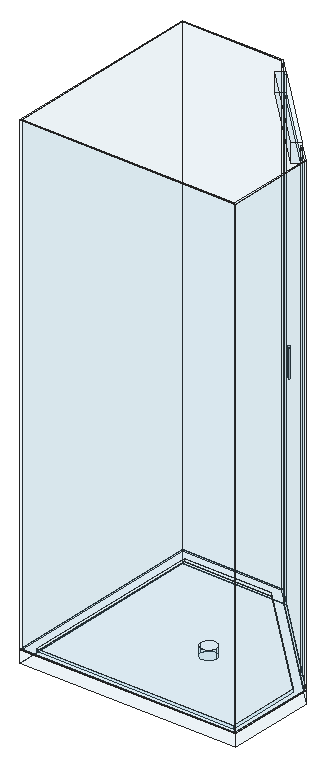
Revit family "M_淋浴隔間 - 轉角", category 衛工裝置, Revit 2014
Parameters (values of type "865 mmx815 mm - 公用")
  寬度 1 = 31.75 mm * sin(45.00°)  # 22.451 mm
  WFU = 2
  淋浴間寬度 = 815 mm
  淋浴隔間材料 = 玻璃
  淋浴間長度 = 865 mm
  淋浴間高度 = 1956 mm
  衛生設施半徑 = 25 mm
  衛生設施直徑 = 2 * 衛生設施半徑  # 50 mm
  長度 1 = 406.4 mm
  熱水半徑 = 7.5 mm
  熱水直徑 = 2 * 熱水半徑  # 15 mm
  高度 1 = 990 mm
  門寬度的一半 = 1 / 2 * 門寬度  # 228.5 mm
  HWFU = 3
  流動壓力 [instance] = 55158.0 Pa
  門寬度 = 457 mm
  門材料 = 玻璃
  門把手材料 = none
  冷水半徑 = 7.5 mm
  冷水直徑 = 2 * 冷水半徑  # 15 mm
  CWFU = 3
Types (2, lengths in mm): name | 淋浴隔間材料 | HWFU | 門材料 | CWFU
  865 mmx815 mm - 公用 | 玻璃 | 3 | 玻璃 | 3
  865 mmx815 mm - 私人 | none | 1 | none | 1
Reference planes
  plane 1 "中心 (前/後)": y = 0
  plane 2: z = 0
  plane 3 "中心 (左/右)": x = 0
  plane 4: z = 1956
  plane 5: x = 865
  plane 6: y = 815
  plane 7: y = 808.65
  plane 8: x = 6.35
  plane 9: x = 858.65
  plane 10: y = 6.35
  plane 11: y = 776.9
  plane 12: x = 38.1
  plane 13: x = 826.9
  plane 14: y = 38.1
  plane 15: x = 406.4
  plane 16: z = 50.8
  plane 17: z = 38.1
  plane 18: y = 407.5
  plane 19: x = 432.5
  plane 20: x = 394.4
  plane 21: x = 470.6
  plane 22: through (466.951, 761.229, 1219.2) normal (0.7071, 0.7071, 0)
  plane 23: z = 990
  plane 24: z = 882.05
  plane 25: z = 1968.7
  plane 26: z = 1892.5
  plane 27: z = 914.4
  plane 28: y = 521.8
  plane 29: y = 293.2
Forms (mm)
  Extrusion 1, solid, material "玻璃" <- "淋浴隔間材料"
    sketch origin (0, 0, 0) x (1, 0, 0) y (0, 1, 0)
      loop
        line (0, 815) -> (0, 0) -> (865, 0) -> (865, 356.4) -> (797.274, 424.126) -> (792.784, 419.636) -> (858.65, 353.77) -> (858.65, 6.35) -> (6.35, 6.35) -> (6.35, 808.65) -> (403.77, 808.65) -> (469.636, 742.784) -> (474.126, 747.274) -> (406.4, 815) -> (0, 815)
    from 50.8 to 1956
  Extrusion 2, solid, material "玻璃" <- "淋浴隔間材料"
    sketch origin (0, 0, 0) x (1, 0, 0) y (0, 1, 0)
      loop
        line (0, 815) -> (0, 0) -> (865, 0) -> (865, 356.4) -> (406.4, 815) -> (0, 815)
    from 0 to 50.8
  Extrusion 3, void
    sketch origin (0, 0, 0) x (1, 0, 0) y (0, 1, 0)
      loop
        line (38.1, 776.9) -> (38.1, 38.1) -> (826.9, 38.1) -> (826.9, 340.618) -> (390.618, 776.9) -> (38.1, 776.9)
    from 38.1 to 50.8
  Extrusion 4, solid, material "玻璃" <- "門材料"
    sketch origin (0, 0, 0) x (1, 0, 0) y (0, 1, 0)
      loop
        line (474.126, 747.274) -> (469.636, 742.784) -> (792.784, 419.636) -> (797.274, 424.126) -> (474.126, 747.274)
    from 50.8 to 1892.5
  Extrusion 5, solid, material "玻璃" <- "淋浴隔間材料"
    sketch origin (0, 0, 0) x (1, 0, 0) y (0, 1, 0)
      loop
        circle (432.5, 407.5) r 31.75
    from 0 to 38.1
  Extrusion 6, solid, material "玻璃" <- "淋浴隔間材料"
    sketch origin (0, 0, 0) x (0, 1, 0) y (0, 0, 1)
      loop
        circle (521.8, 914.4) r 12.7
      loop
        circle (293.2, 914.4) r 12.7
    from 0 to 6.35
  Extrusion 7, solid, material "玻璃" <- "淋浴隔間材料"
    sketch origin (797.274, 424.126, 0) x (-0.707107, 0.707107, 0) y (0, 0, 1)
      loop
        line (0, 1968.7) -> (0, 1892.5) -> (457, 1892.5) -> (457, 1968.7) -> (0, 1968.7)
    from -38.1 to 0
  Extrusion 8, solid, material <- "門把手材料"
    sketch origin (797.274, 424.126, 0) x (-0.707107, 0.707107, 0) y (0, 0, 1)
      loop
        line (422.075, 990) -> (422.075, 882.05) -> (444.3, 882.05) -> (444.3, 990) -> (422.075, 990)
    from 0 to 5.862
Cuts and joins
  Extrusion 3 cuts Extrusion 2
  joined: Extrusion 1, Extrusion 6
Lines and regions (mm)
  reference lines
    curve 1: line (406.4, 815, 0) -> (963.176, 258.224, 0)
    curve 2: line (958.686, 253.734, 0) -> (401.91, 810.51, 0)
    curve 3: line (936.235, 231.283, 0) -> (379.459, 788.059, 0)
    curve 4: line (865, 815, 0) -> (492.319, 442.319, 0)
    curve 5: line (611.758, 884.906, 0) -> (422.331, 695.479, 0)
    curve 6: line (980.044, 606.896, 0) -> (674.429, 301.281, 0)
    curve 7: line (38.1, 38.1, 0) -> (865, 815, 0)
    curve 10: line (38.1, 776.9, 0) -> (826.9, 38.1, 0)
    curve 13: line (558.99, 814.177, 0) -> (398.815, 654.003, 0)
    curve 14: line (559.252, 783.008, 0) -> (412.547, 636.304, 0)
  symbolic lines
    curve 8: line (38.1, 38.1, 0) -> (394.4, 372.856, 0)
    curve 9: line (470.6, 444.448, 0) -> (600.771, 566.748, 0)
    curve 11: line (38.1, 776.9, 0) -> (394.4, 443.185, 0)
    curve 12: line (470.6, 371.815, 0) -> (826.9, 38.1, 0)
Dimensions and locks
  "淋浴間長度": plane 3 "中心 (左/右)" to plane 5
  "淋浴間寬度": plane 6 to plane 1 "中心 (前/後)"
  locked: plane 6 to plane 7 at 6.35
  locked: plane 3 "中心 (左/右)" to plane 8 at 6.35
  locked: plane 9 to plane 5 at 6.35
  locked: plane 1 "中心 (前/後)" to plane 10 at 6.35
  locked: plane 7 to plane 11 at 31.75
  locked: plane 8 to plane 12 at 31.75
  locked: plane 13 to plane 9 at 31.75
  locked: plane 10 to plane 14 at 31.75
  "長度 1": plane 3 "中心 (左/右)" to plane 15
  "淋浴間高度": plane 4 to plane 2
  locked: plane 16 to plane 2 at 50.8
  locked: plane 16 to plane 17 at 12.7
  curve 3 to curve 2 to curve 1 = 31.75 mm locked, 6.35 mm locked
  "門寬度的一半": curve 5 to curve 4
  "門寬度的一半": curve 4 to curve 6
  equal spacing: plane 6, plane 18, plane 1 "中心 (前/後)"
  equal spacing: plane 3 "中心 (左/右)", plane 19, plane 5
  locked: curve 5 to curve 13 at 12.7
  locked: curve 13 to curve 14 at 22.225
  "高度 1": plane 23 to plane 2
  locked: plane 23 to plane 24 at 107.95
  locked: plane 25 to plane 4 at 12.7
  locked: plane 4 to plane 26 at 63.5
  locked: plane 27 to plane 2 at 914.4
  plane 28 to plane 18 to plane 29 = 114.3 mm locked, 114.3 mm locked
  locked: Extrusion 8 to Extrusion 7 at 5.862
  plane 20 to plane 19 to plane 21 = 38.1 mm locked, 38.1 mm locked
  radius of Extrusion 5 sketch curve = 31.75 mm
  locked: curve 1 to plane 6 (angle 45.00°)
  locked: curve 4 to plane 5 (angle 45.00°)
  aligned and locked: plane 15 to curve 1
  aligned and locked: plane 3 "中心 (左/右)" to Extrusion 1 sketch curve
  aligned and locked: Extrusion 1 sketch curve to plane 6
  aligned and locked: plane 1 "中心 (前/後)" to Extrusion 1 sketch curve
  aligned and locked: Extrusion 1 sketch curve to plane 5
  aligned and locked: Extrusion 1 sketch curve to curve 1
  aligned and locked: plane 7 to Extrusion 1 sketch curve
  aligned and locked: Extrusion 1 sketch curve to plane 8
  aligned and locked: plane 10 to Extrusion 1 sketch curve
  aligned and locked: plane 9 to Extrusion 1 sketch curve
  aligned and locked: curve 2 to Extrusion 1 sketch curve
  aligned and locked: plane 4 to Extrusion 1
  aligned and locked: Extrusion 1 to plane 16
  aligned and locked: curve 5 to Extrusion 1 sketch curve
  aligned and locked: curve 6 to Extrusion 1 sketch curve
  aligned and locked: plane 6 to Extrusion 2 sketch curve
  aligned and locked: Extrusion 2 sketch curve to plane 3 "中心 (左/右)"
  aligned and locked: plane 1 "中心 (前/後)" to Extrusion 2 sketch curve
  aligned and locked: plane 5 to Extrusion 2 sketch curve
  aligned and locked: Extrusion 2 sketch curve to curve 1
  aligned and locked: Extrusion 2 to plane 2
  aligned and locked: plane 16 to Extrusion 2
  aligned and locked: plane 11 to Extrusion 3 sketch curve
  aligned and locked: curve 3 to Extrusion 3 sketch curve
  aligned and locked: plane 13 to Extrusion 3 sketch curve
  aligned and locked: plane 14 to Extrusion 3 sketch curve
  aligned and locked: Extrusion 3 sketch curve to plane 12
  aligned and locked: Extrusion 3 to plane 17
  aligned and locked: plane 16 to Extrusion 3
  aligned and locked: curve 5 to Extrusion 4 sketch curve
  aligned and locked: Extrusion 4 sketch curve to curve 2
  aligned and locked: Extrusion 4 sketch curve to curve 6
  aligned and locked: Extrusion 4 sketch curve to curve 1
  aligned and locked: Extrusion 4 to plane 16
  aligned and locked: plane 18 to Extrusion 5 sketch curve
  aligned and locked: plane 19 to Extrusion 5 sketch curve
  aligned and locked: Extrusion 5 to plane 2
  aligned and locked: plane 17 to Extrusion 5
  aligned and locked: plane 14 to curve 7
  aligned and locked: plane 12 to curve 7
  aligned and locked: plane 5 to curve 7
  aligned and locked: plane 6 to curve 7
  aligned and locked: curve 8 to curve 7
  aligned and locked: plane 14 to curve 8
  aligned and locked: plane 20 to curve 8
  aligned and locked: curve 7 to curve 9
  aligned and locked: plane 21 to curve 9
  aligned and locked: curve 3 to curve 9
  aligned and locked: plane 11 to curve 10
  aligned and locked: plane 12 to curve 10
  aligned and locked: plane 13 to curve 10
  aligned and locked: plane 14 to curve 10
  aligned and locked: curve 11 to curve 10
  aligned and locked: plane 12 to curve 11
  aligned and locked: curve 10 to curve 12
  aligned and locked: plane 21 to curve 12
  aligned and locked: plane 13 to curve 12
  aligned and locked: plane 26 to Extrusion 4
  aligned and locked: plane 27 to Extrusion 6 sketch curve  (x2)
  aligned and locked: plane 28 to Extrusion 6 sketch curve
  aligned and locked: plane 29 to Extrusion 6 sketch curve
  aligned and locked: Extrusion 6 to plane 3 "中心 (左/右)"
  aligned and locked: plane 8 to Extrusion 6
  aligned and locked: curve 5 to Extrusion 7
  aligned and locked: Extrusion 7 to curve 6
  aligned and locked: Extrusion 7 to curve 3
  aligned and locked: Extrusion 7 to curve 1
  aligned and locked: plane 25 to Extrusion 7
  aligned and locked: Extrusion 7 to plane 26
  aligned and locked: curve 13 to Extrusion 8
  aligned and locked: Extrusion 8 to curve 14
  aligned and locked: Extrusion 8 to plane 24
  aligned and locked: plane 23 to Extrusion 8
  aligned and locked: plane 20 to curve 11
Automatic sketch dimensions
  Extrusion 1 sketch curve to plane 15 = 2.63 mm
  Extrusion 1 sketch curve to Extrusion 1 sketch curve = 2.63 mm
  plane 11 to curve 3 = 11.159 mm
  plane 7 to curve 2 = 1.86 mm
  plane 20 to curve 13 = 4.415 mm
  curve 5 to plane 19 = 10.169 mm
  curve 13 to plane 6 = 0.823 mm
  curve 13 to curve 14 = 0.262 mm
  plane 6 to curve 5 = 69.906 mm
  curve 6 to plane 18 = 106.219 mm
  curve 3 to curve 1 = 26.941 mm  (x2)
  curve 2 to curve 1 = 4.49 mm
  plane 5 to curve 6 = 115.044 mm
  curve 14 to curve 13 = 17.699 mm
  curve 1 to plane 6 = 0 mm
  Extrusion 4 to Extrusion 7 sketch curve = 0 mm  (x2)
  Extrusion 7 sketch curve to Extrusion 4 = 0 mm
  Extrusion 7 sketch curve to Extrusion 4 = 76.2 mm
  Extrusion 8 sketch curve to Extrusion 4 = 12.7 mm
  Extrusion 8 sketch curve to Extrusion 8 sketch curve = 22.225 mm
  Extrusion 4 to Extrusion 8 sketch curve = 1010.45 mm
  Extrusion 8 sketch curve to Extrusion 8 sketch curve = 107.95 mm
  radius of Extrusion 6 sketch curve = 12.7 mm  (x2)
Connectors
  piping at (432.5, 407.5, 0), diameter 50, driven by "衛生設施半徑", driven by "WFU"
    settings: on Extrusion 5, index 1, connector inside diameter 50 mm, connector length 0 mm, flow factor 0, pipe flow 0.0 L/s, pressure drop 0.0 Pa, fitting loss kfactor 0, connector angle 0.00°, fixture units 2, engagement length 0 mm, angle of deflection 0.00°, flow configuration 3, flow direction 2, fitting loss method 0, system type 16, joint type 0, gender type 0, connector reference index -1, connector utility 0, adjustable connector no, is connector primary no, connector description "外"
  piping at (0, 521.8, 914.4), diameter 15, driven by "冷水半徑", driven by "CWFU", driven by "流動壓力"
    settings: on Extrusion 6, index 2, connector inside diameter 15 mm, connector length 0 mm, flow factor 0, pipe flow 0.0 L/s, pressure drop 55158.0 Pa, fitting loss kfactor 0, connector angle 0.00°, fixture units 3, engagement length 0 mm, angle of deflection 0.00°, flow configuration 3, flow direction 1, fitting loss method 4, system type 20, joint type 0, gender type 0, connector reference index -1, connector utility 0, adjustable connector no, is connector primary yes, connector description "于"
  piping at (0, 293.2, 914.4), diameter 15, driven by "熱水半徑", driven by "HWFU", driven by "流動壓力"
    settings: on Extrusion 6, index 3, connector inside diameter 15 mm, connector length 0 mm, flow factor 0, pipe flow 0.0 L/s, pressure drop 55158.0 Pa, fitting loss kfactor 0, connector angle 0.00°, fixture units 3, engagement length 0 mm, angle of deflection 0.00°, flow configuration 3, flow direction 1, fitting loss method 4, system type 19, joint type 0, gender type 0, connector reference index -1, connector utility 0, adjustable connector no, is connector primary no, connector description "于"
